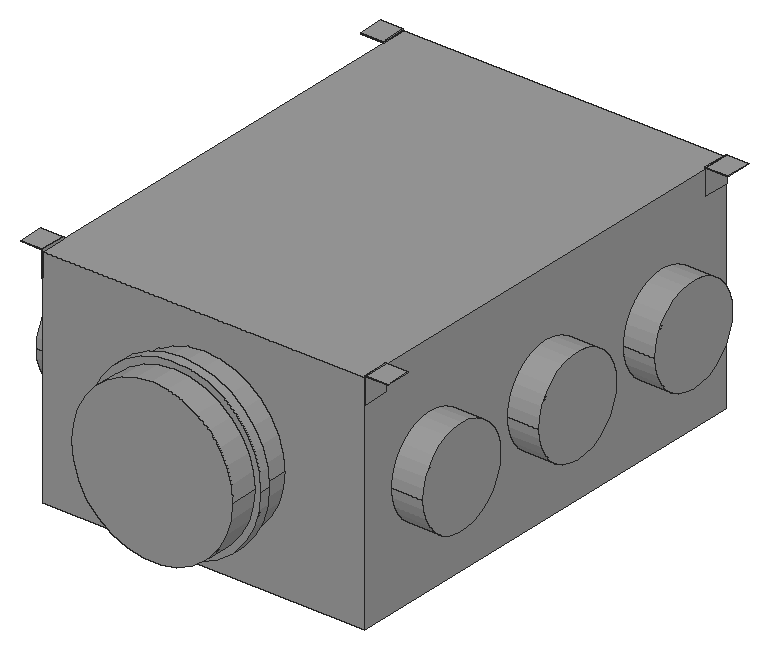
Revit family "FASU(F6-150 250Φ)", category ダクト付属品, Revit 2022
Family settings
  丸型コネクタ寸法 = 直径を使用
  パーツ タイプ = ダンパー
  OmniClass 番号 = 23.75.00.00
  OmniClass タイトル = Climate Control (HVAC)
  作業面ベース = いいえ
  常に垂直 = はい
  ロード時にボイドで切り取り = いいえ
  共有 = いいえ
Parameters
  高さ = 350 mm
  風量 = 0.0 L/s
  符号 = "FASU"
  形式 = "F6-150 250φ"
  幅 [instance] = 500 mm
  奥行き = 700 mm
  大きさ = 250 mm
  呼称 = "FASUチャンバー"
  付属品_下端レベル [instance] = 0 mm
  マテリアル [instance] = 既定値
  ダクト_イン = 300 mm
  ダクト_アウト = 150 mm
  既定の高さ = 0 mm
Reference planes
  plane 1 "中心(正面/背面)": y = 0
  plane 2: z = 0
  plane 3 "中心(左/右)": x = 0
  plane 4: x = -250
  plane 5: x = 250
  plane 6: y = -700
  plane 7: z = 350
  plane 8: z = 175
  plane 9: z = 266.963
  plane 10: z = 86.159
  plane 11: x = -251
  plane 12: z = 313.122
  plane 13: z = 352.122
  plane 14: y = -350
Forms (mm)
  Extrusion 1, solid, material "既定値" <- "マテリアル"
    sketch origin (0, 0, 0) x (1, 0, 0) y (0, 1, 0)
      loop
        line (-250, 0) -> (-250, -700) -> (250, -700) -> (250, 0) -> (-250, 0)
    from 0 to 350
  Extrusion 2, solid, material "既定値" <- "マテリアル"
    sketch origin (0, -30, 0) x (1, 0, 0) y (0, 1, 0)
      loop
        line (-250, 30) -> (-251, 30) -> (-251, -10) -> (-250, -10) -> (-250, 30)
    from 313.122 to 350
  Extrusion 3, solid, material "既定値" <- "マテリアル"
    sketch origin (0, -30, 0) x (1, 0, 0) y (0, 1, 0)
      loop
        line (-285, 30) -> (-285, -10) -> (-251, -10) -> (-251, 30) -> (-285, 30)
    from 352.122 to 350
  Extrusion 4, solid, material "既定値" <- "マテリアル"
    sketch origin (0, -30, 0) x (-1, 0, 0) y (0, -1, 0)
      loop
        line (-250, -30) -> (-250, 10) -> (-251, 10) -> (-251, -30) -> (-250, -30)
    from 313.122 to 353.122
  Extrusion 5, solid, material "既定値" <- "マテリアル"
    sketch origin (0, -30, 0) x (-1, 0, 0) y (0, -1, 0)
      loop
        line (-285, -30) -> (-251, -30) -> (-251, 10) -> (-285, 10) -> (-285, -30)
    from 352.122 to 353.122
  Extrusion 6, solid, material "既定値" <- "マテリアル"
    sketch origin (0, -490, 0) x (1, 0, 0) y (0, 1, 0)
      loop
        line (-285, -170) -> (-285, -210) -> (-251, -210) -> (-251, -170) -> (-285, -170)
    from 352.122 to 353.122
  Extrusion 7, solid, material "既定値" <- "マテリアル"
    sketch origin (0, -490, 0) x (1, 0, 0) y (0, 1, 0)
      loop
        line (-250, -170) -> (-251, -170) -> (-251, -210) -> (-250, -210) -> (-250, -170)
    from 313.122 to 353.122
  Extrusion 8, solid, material "既定値" <- "マテリアル"
    sketch origin (0, -490, 0) x (-1, 0, 0) y (0, -1, 0)
      loop
        line (-285, 170) -> (-251, 170) -> (-251, 210) -> (-285, 210) -> (-285, 170)
    from 352.122 to 353.122
  Extrusion 9, solid, material "既定値" <- "マテリアル"
    sketch origin (0, -490, 0) x (-1, 0, 0) y (0, -1, 0)
      loop
        line (-250, 170) -> (-250, 210) -> (-251, 210) -> (-251, 170) -> (-250, 170)
    from 313.122 to 353.122
  Extrusion 10, solid, material "既定値" <- "マテリアル"
    sketch origin (550, -582.5, 0) x (0, -1, 0) y (0, 0, -1)
      loop
        circle (-232.5, -175) r 74.985
    from -300 to -250
  Extrusion 11, solid, material "既定値" <- "マテリアル"
    sketch origin (-550, -582.5, 0) x (0, -1, 0) y (0, 0, 1)
      loop
        circle (-232.5, 175) r 74.985
    from -300 to -250
  Extrusion 12, solid, material "既定値" <- "マテリアル"
    sketch origin (550, -357.5, 0) x (0, -1, 0) y (0, 0, -1)
      loop
        circle (-232.5, -175) r 74.985
    from -300 to -250
  Extrusion 13, solid, material "既定値" <- "マテリアル"
    sketch origin (-550, -357.5, 0) x (0, -1, 0) y (0, 0, 1)
      loop
        circle (-232.5, 175) r 74.985
    from -300 to -250
  Extrusion 14, solid, material "既定値" <- "マテリアル"
    sketch origin (550, -142.5, 0) x (0, 1, 0) y (0, 0, 1)
      loop
        circle (-432.5, 175) r 74.985
    from -300 to -250
  Extrusion 15, solid, material "既定値" <- "マテリアル"
    sketch origin (0, -142.5, 0) x (0, 1, 0) y (0, 0, 1)
      loop
        circle (-432.5, 175) r 74.985
    from -300 to -250
  Extrusion 16, solid, material "既定値" <- "マテリアル"
    sketch origin (0, -230, 0) x (1, 0, 0) y (0, 0, 1)
      loop
        circle (0, 175) r 125
    from 470 to 512.5
  Extrusion 17, solid, material "既定値" <- "マテリアル"
    sketch origin (0, -230, 0) x (1, 0, 0) y (0, 0, 1)
      loop
        circle (0, 175) r 135
    from 512.5 to 527.5
  Extrusion 18, solid, material "既定値" <- "マテリアル"
    sketch origin (0, -317.5, 0) x (1, 0, 0) y (0, 0, 1)
      loop
        circle (0, 175) r 125
    from 440 to 482.5
Lines and regions (mm)
  model lines
    curve 1: line (-250, -30, 0) -> (250, -30, 0)
    curve 2: line (-250, -670, 0) -> (250, -670, 0)
Text (mm)
  text "FASU(F6-150 250Φ)" at (3.713, -630.412, 0), in view "参照レベル"
Dimensions and locks
  equal spacing: plane 4, plane 3 "中心(左/右)", plane 5
  "幅": plane 4 to plane 5
  "奥行き": plane 6 to plane 1 "中心(正面/背面)"
  "高さ": plane 7 to level
  equal spacing: plane 7, plane 8, level
  equal spacing: plane 6, plane 14, plane 1 "中心(正面/背面)"
  aligned and locked: level to plane 2
  aligned and locked: Extrusion 1 sketch curve to plane 5
  aligned and locked: plane 7 to Extrusion 1
  aligned and locked: Extrusion 2 sketch curve to Extrusion 1
  aligned and locked: plane 7 to Extrusion 2
  aligned and locked: Extrusion 3 sketch curve to Extrusion 2
  aligned and locked: Extrusion 2 to Extrusion 3 sketch curve
  aligned and locked: plane 7 to Extrusion 3
  aligned and locked: Extrusion 3 to plane 13
  aligned and locked: Extrusion 4 to Extrusion 5 sketch curve
  aligned and locked: Extrusion 5 sketch curve to Extrusion 4
  aligned and locked: Extrusion 1 to Extrusion 8
  aligned and locked: Extrusion 6 to Extrusion 1
  aligned and locked: Extrusion 7 to Extrusion 1
  aligned and locked: Extrusion 1 to Extrusion 9
  aligned and locked: Extrusion 9 to Extrusion 8
  aligned and locked: Extrusion 7 to Extrusion 6
  aligned and locked: plane 4 to Extrusion 7
  aligned and locked: Extrusion 9 to plane 5
  aligned and locked: plane 4 to curve 1
  aligned and locked: plane 5 to curve 1
  aligned and locked: plane 5 to curve 2
  aligned and locked: Extrusion 1 to Extrusion 3
  aligned and locked: Extrusion 5 to Extrusion 1
  aligned and locked: Extrusion 4 to plane 5
  aligned and locked: Extrusion 1 to plane 6
  aligned and locked: Extrusion 1 to plane 1 "中心(正面/背面)"
  aligned and locked: Extrusion 12 to plane 5
  aligned and locked: plane 4 to Extrusion 13
  aligned and locked: Extrusion 14 to plane 5
  aligned and locked: plane 4 to Extrusion 15
  aligned and locked: Extrusion 17 to Extrusion 18
  aligned and locked: Extrusion 17 to Extrusion 16
Automatic sketch dimensions
  Extrusion 10 sketch curve to plane 8 = 0 mm
  Extrusion 10 sketch curve to plane 14 = 0 mm
  Extrusion 11 sketch curve to plane 8 = 0 mm
  Extrusion 11 sketch curve to plane 14 = 0 mm
  curve 2 to plane 4 = 0 mm
  plane 6 to curve 2 = 30 mm
  plane 1 "中心(正面/背面)" to curve 1 = 30 mm
  Extrusion 1 sketch curve to plane 4 = 0 mm
  Extrusion 1 sketch curve to plane 6 = 0 mm
  plane 1 "中心(正面/背面)" to Extrusion 1 sketch curve = 0 mm
  plane 1 "中心(正面/背面)" to Extrusion 2 sketch curve = 0 mm
  Extrusion 2 sketch curve to plane 11 = 0 mm
  Extrusion 2 sketch curve to Extrusion 2 sketch curve = 40 mm
  plane 1 "中心(正面/背面)" to Extrusion 3 sketch curve = 0 mm
  Extrusion 3 sketch curve to Extrusion 3 sketch curve = 34 mm
  plane 1 "中心(正面/背面)" to Extrusion 4 sketch curve = 0 mm
  Extrusion 4 sketch curve to plane 5 = 0 mm
  Extrusion 4 sketch curve to Extrusion 4 sketch curve = 1 mm
  Extrusion 4 sketch curve to Extrusion 4 sketch curve = 40 mm
  plane 1 "中心(正面/背面)" to Extrusion 5 sketch curve = 0 mm
  Extrusion 5 sketch curve to Extrusion 5 sketch curve = 34 mm
  Extrusion 6 sketch curve to plane 6 = 0 mm
  Extrusion 6 sketch curve to plane 11 = 0 mm
  Extrusion 6 sketch curve to plane 11 = 34 mm
  plane 6 to Extrusion 6 sketch curve = 40 mm
  Extrusion 7 sketch curve to plane 11 = 0 mm
  Extrusion 7 sketch curve to plane 4 = 0 mm
  Extrusion 7 sketch curve to plane 6 = 0 mm
  plane 6 to Extrusion 7 sketch curve = 40 mm
  Extrusion 8 sketch curve to plane 6 = 0 mm
  Extrusion 8 sketch curve to plane 5 = 35 mm
  Extrusion 8 sketch curve to plane 5 = 1 mm
  Extrusion 8 sketch curve to Extrusion 8 sketch curve = 40 mm
  Extrusion 9 sketch curve to plane 6 = 0 mm
  Extrusion 9 sketch curve to plane 5 = 0 mm
  Extrusion 9 sketch curve to Extrusion 9 sketch curve = 1 mm
  Extrusion 9 sketch curve to Extrusion 9 sketch curve = 40 mm
  Extrusion 12 sketch curve to plane 8 = 0 mm
  plane 1 "中心(正面/背面)" to Extrusion 12 sketch curve = 125 mm
  Extrusion 13 sketch curve to plane 8 = 0 mm
  plane 1 "中心(正面/背面)" to Extrusion 13 sketch curve = 125 mm
  Extrusion 14 sketch curve to plane 8 = 0 mm
  plane 6 to Extrusion 14 sketch curve = 125 mm
  Extrusion 15 sketch curve to plane 8 = 0 mm
  plane 6 to Extrusion 15 sketch curve = 125 mm
  Extrusion 16 sketch curve to plane 8 = 0 mm
  Extrusion 17 sketch curve to plane 8 = 0 mm
  Extrusion 18 sketch curve to plane 8 = 0 mm
  plane 11 to Extrusion 16 sketch curve = 251 mm
  plane 11 to Extrusion 17 sketch curve = 251 mm
  plane 11 to Extrusion 18 sketch curve = 251 mm
  radius of Extrusion 10 sketch curve = 74.985 mm
  radius of Extrusion 11 sketch curve = 74.985 mm
  radius of Extrusion 12 sketch curve = 74.985 mm
  radius of Extrusion 13 sketch curve = 74.985 mm
  radius of Extrusion 14 sketch curve = 74.985 mm
  radius of Extrusion 15 sketch curve = 74.985 mm
  radius of Extrusion 16 sketch curve = 125 mm
  radius of Extrusion 17 sketch curve = 135 mm
  radius of Extrusion 18 sketch curve = 125 mm
Connectors
  hvac at (-300, -575, 175), driven by "ダクト_アウト"
    settings: on Extrusion 15, index 1, duct flow 0.0 L/s, flow factor 0, pres drop 0.0 Pa, loss coef 0, conn angle 0.00°, conn width 304.8 mm, conn height 304.8 mm, conn diameter 150 mm, duct sys type 29, conn prof type 0, flow config 0, flow direction 2, loss method 0, conn ref index -1, conn util no, is conn primary yes, conn desc ""
  hvac at (-300, -350, 175), driven by "ダクト_アウト"
    settings: on Extrusion 11, index 2, duct flow 0.0 L/s, flow factor 0, pres drop 0.0 Pa, loss coef 0, conn angle 0.00°, conn width 304.8 mm, conn height 304.8 mm, conn diameter 150 mm, duct sys type 29, conn prof type 0, flow config 0, flow direction 2, loss method 0, conn ref index -1, conn util no, is conn primary no, conn desc ""
  hvac at (-300, -125, 175), driven by "ダクト_アウト"
    settings: on Extrusion 13, index 3, duct flow 0.0 L/s, flow factor 0, pres drop 0.0 Pa, loss coef 0, conn angle 0.00°, conn width 304.8 mm, conn height 304.8 mm, conn diameter 150 mm, duct sys type 29, conn prof type 0, flow config 0, flow direction 2, loss method 0, conn ref index -1, conn util no, is conn primary no, conn desc ""
  hvac at (300, -575, 175), driven by "ダクト_アウト"
    settings: on Extrusion 14, index 4, duct flow 0.0 L/s, flow factor 0, pres drop 0.0 Pa, loss coef 0, conn angle 0.00°, conn width 304.8 mm, conn height 304.8 mm, conn diameter 150 mm, duct sys type 29, conn prof type 0, flow config 0, flow direction 2, loss method 0, conn ref index -1, conn util no, is conn primary no, conn desc ""
  hvac at (300, -350, 175), driven by "ダクト_アウト"
    settings: on Extrusion 10, index 5, duct flow 0.0 L/s, flow factor 0, pres drop 0.0 Pa, loss coef 0, conn angle 0.00°, conn width 304.8 mm, conn height 304.8 mm, conn diameter 150 mm, duct sys type 29, conn prof type 0, flow config 0, flow direction 2, loss method 0, conn ref index -1, conn util no, is conn primary no, conn desc ""
  hvac at (300, -125, 175), driven by "ダクト_アウト"
    settings: on Extrusion 12, index 6, duct flow 0.0 L/s, flow factor 0, pres drop 0.0 Pa, loss coef 0, conn angle 0.00°, conn width 304.8 mm, conn height 304.8 mm, conn diameter 150 mm, duct sys type 29, conn prof type 0, flow config 0, flow direction 2, loss method 0, conn ref index -1, conn util no, is conn primary no, conn desc ""
  hvac at (0, -800, 175)
    settings: on Extrusion 18, index 7, duct flow 0.0 L/s, flow factor 0, pres drop 0.0 Pa, loss coef 0, conn angle 0.00°, conn width 304.8 mm, conn height 304.8 mm, conn diameter 250 mm, duct sys type 29, conn prof type 0, flow config 0, flow direction 1, loss method 0, conn ref index -1, conn util no, is conn primary no, conn desc ""
